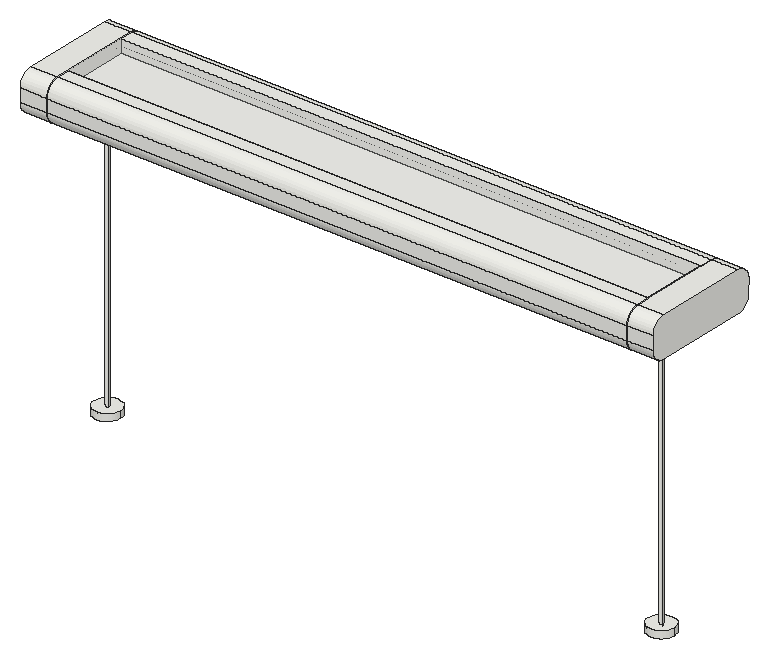
Revit family "3a7c1e961b5142fdac9b6197d0b2cb9e", category Lighting Fixtures, host Face, Revit 2021
Family settings
  Host = Face
  Round Connector Dimension = Use Diameter
  Part Type = Normal
  OmniClass Number = 23.80.70.11.11
  OmniClass Title = General Luminaries, Non Directional
  Seek Item ID = Pendant Light - Linear - 2 Lamp-0000-USA-ENU
  Cut with Voids When Loaded = No
  Light Source = Yes
  Shared = No
  Room Calculation Point = No
Parameters (values of type "48" - 120V")
  Wattage = 64 W
  built-in parameter 1150110 = 1 (stored number, unit not read)
  built-in parameter 1150109 = 1 (stored number, unit not read)
  built-in parameter 1150134 = 8
  built-in parameter 1150113 = 1 (stored number, unit not read)
  Tilt Angle = -90.00°
  Photometric Web File = "482T12.ies"
  Lumens = 6000 lm
  built-in parameter 1114217 = 0.88 (stored number, unit not read)
  built-in parameter 1150115 = 1 (stored number, unit not read)
  built-in parameter 1150105 = 477.46 (stored number, unit not read)
  Load Classification = Lighting - Dwelling Unit
  built-in parameter 1150137 = 1
  built-in parameter 1150139 = (empty or 0)
  Light Casing Material = Steel, Paint Finish, Ivory, Glossy
  Light Casing Length = 4' - 0"
  built-in parameter 1150112 = 1 (stored number, unit not read)
  built-in parameter 1150114 = 1 (stored number, unit not read)
  Lamp = "T-12"
  built-in parameter 1150132 = (empty or 0)
  built-in parameter 1150102 = (empty or 0)
  built-in parameter 1150138 = (empty or 0)
  built-in parameter 1150107 = 4230 (stored number, unit not read)
  built-in parameter 1150106 = 4.7746 (stored number, unit not read)
  Emit from Rectangle Width = 0' - 5"
  Emit from Rectangle Length = Light Casing Length - 0' 4"  # 3' - 8"
  Emit Shape Visible in Rendering = no
  built-in parameter 1150104 = 8.7097 (stored number, unit not read)
  Drop From Ceiling = 2' - 0"
  Dimming Lamp Color Temperature Shift = <None>
  Diffuser Material = Glass, White, High Luminance
  Default Elevation = 4' - 0"
  Color Filter = 16777215
  Ceiling Mount Material = Steel, Paint Finish, Ivory, Glossy
  built-in parameter 1140040 [instance] = 1
  Ballast Voltage = 120 V
  Ballast Number of Poles = 1
  built-in parameter 1114218 = 0.88 (stored number, unit not read)
  built-in parameter 1150133 = 10 (stored number, unit not read)
  Assembly Code = "D5020210"
  Apparent Load = 64 VA
Types (4): name | Wattage | Photometric Web File | Lumens | built-in parameter 1150105 | Light Casing Length | built-in parameter 1150106 | Emit from Rectangle Width | Emit from Rectangle Length | built-in parameter 1150104 | Drop From Ceiling | Ballast Voltage | Assembly Code | Apparent Load
  48" - 120V | 64 W | "482T12.ies" | 6000 lm | 477.46 (stored number, unit not read) | 4' - 0" | 4.7746 (stored number, unit not read) | 0' - 5" | 3' - 8" | 8.7097 (stored number, unit not read) | 2' - 0" | 120 V | "D5020210" | 64 VA
  48" - 277V | 64 W | "482T12.ies" | 6000 lm | 477.46 (stored number, unit not read) | 4' - 0" | 4.7746 (stored number, unit not read) | 0' - 9" | 3' - 8" | 8.7097 (stored number, unit not read) | 2' - 0" | 277 V | 0' - 0" | 64 VA
  96" - 120V | 150 W | "962T12.ies" | 12600 lm | 1002.7 (stored number, unit not read) | 8' - 0" | 10.027 (stored number, unit not read) | 0' - 9" | 7' - 8" | 7.8039 (stored number, unit not read) | 1' - 0" | 120 V | 0' - 0" | 150 VA
  96" - 277V | 150 W | "962T12.ies" | 12600 lm | 1002.7 (stored number, unit not read) | 8' - 0" | 10.027 (stored number, unit not read) | 0' - 9" | 7' - 8" | 7.8039 (stored number, unit not read) | 1' - 0" | 277 V | 0' - 0" | 150 VA
Reference planes (in)
  plane 1 "Center (Front/Back)": y = 0
  plane 2: z = 0
  plane 3 "Center (Left/Right)": x = 0
  plane 4: x = -24
  plane 5: x = 24
  plane 6: x = -22
  plane 7: x = 22
  plane 8: x = -21
  plane 9: x = 21
  plane 10: z = 24
  plane 11: z = 23.5
  plane 12: z = 23
  plane 13: z = 21
  plane 14: z = 0.5
  plane 15: y = 3.5
  plane 16: y = -3.5
  plane 17: z = 22
  plane 18: y = 2.5
  plane 19: y = -2.5
Forms (in)
  Extrusion 1, solid, material "Steel, Paint Finish, Ivory, Glossy" <- "Ceiling Mount Material"
    sketch origin (0, 0, 0) x (1, 0, 0) y (0, 1, 0)
      loop
        circle (-21, 0) r 1
    from 0 to 0.5
  Extrusion 2, solid, material "Steel, Paint Finish, Ivory, Glossy" <- "Ceiling Mount Material"
    sketch origin (0, 0, 0) x (1, 0, 0) y (0, 1, 0)
      loop
        circle (-21, 0) r 0.125
    from 0 to 21
  Extrusion 3, solid, material "Steel, Paint Finish, Ivory, Glossy" <- "Ceiling Mount Material"
    sketch origin (0, 0, 0) x (1, 0, 0) y (0, 1, 0)
      loop
        circle (21, 0) r 1
    from 0 to 0.5
  Extrusion 4, solid, material "Steel, Paint Finish, Ivory, Glossy" <- "Ceiling Mount Material"
    sketch origin (0, 0, 0) x (1, 0, 0) y (0, 1, 0)
      loop
        circle (21, 0) r 0.12339
    from 0 to 21
  Extrusion 5, solid, material "Steel, Paint Finish, Ivory, Glossy" <- "Light Casing Material"
    sketch origin (0, 0, 0) x (0, 1, 0) y (0, 0, 1)
      loop
        line (3.5, 24) -> (-3.5, 24)
        arc (-3.5, 24) -> (-4.20711, 23.70711) -> (-4.5, 23) r 1
        line (-4.5, 23) -> (-4.5, 22)
        arc (-4.5, 22) -> (-4.20711, 21.29289) -> (-3.5, 21) r 1
        line (-3.5, 21) -> (3.5, 21)
        arc (3.5, 21) -> (4.20711, 21.29289) -> (4.5, 22) r 1
        line (4.5, 22) -> (4.5, 23)
        arc (4.5, 23) -> (4.20711, 23.70711) -> (3.5, 24) r 1
    from -22 to 22
  Extrusion 6, solid, material "Steel, Paint Finish, Ivory, Glossy" <- "Light Casing Material"
    sketch origin (0, 0, 0) x (0, 1, 0) y (0, 0, 1)
      loop
        line (4.5, 22) -> (4.5, 23)
        arc (4.5, 23) -> (4.20711, 23.70711) -> (3.5, 24) r 1
        line (3.5, 24) -> (-3.5, 24)
        arc (-3.5, 24) -> (-4.20711, 23.70711) -> (-4.5, 23) r 1
        line (-4.5, 23) -> (-4.5, 22)
        arc (-4.5, 22) -> (-4.20711, 21.29289) -> (-3.5, 21) r 1
        line (-3.5, 21) -> (3.5, 21)
        arc (3.5, 21) -> (4.20711, 21.29289) -> (4.5, 22) r 1
    from -24 to -22
  Extrusion 7, solid, material "Steel, Paint Finish, Ivory, Glossy" <- "Light Casing Material"
    sketch origin (0, 0, 0) x (0, 1, 0) y (0, 0, 1)
      loop
        arc (-3.5, 24) -> (-4.20711, 23.70711) -> (-4.5, 23) r 1
        line (-4.5, 23) -> (-4.5, 22)
        arc (-4.5, 22) -> (-4.20711, 21.29289) -> (-3.5, 21) r 1
        line (-3.5, 21) -> (3.5, 21)
        arc (3.5, 21) -> (4.20711, 21.29289) -> (4.5, 22) r 1
        line (4.5, 22) -> (4.5, 23)
        arc (4.5, 23) -> (4.20711, 23.70711) -> (3.5, 24) r 1
        line (3.5, 24) -> (-3.5, 24)
    from 22 to 24
  Extrusion 8, void
    sketch origin (0, 0, 0) x (0, 1, 0) y (0, 0, 1)
      loop
        line (2.5, 24) -> (-2.5, 24) -> (-2.5, 23) -> (2.5, 23) -> (2.5, 24)
    from -22 to 22
  Extrusion 9, solid, material "Glass, White, High Luminance" <- "Diffuser Material"
    sketch origin (0, 0, 0) x (0, 1, 0) y (0, 0, 1)
      loop
        line (-2.5, 24) -> (-2.5, 23.5) -> (2.5, 23.5) -> (2.5, 24) -> (-2.5, 24)
    from -22 to 22
Cuts and joins
  joined: Extrusion 1, Extrusion 3
  Extrusion 8 cuts Extrusion 5
Lines and regions (in)
  symbolic lines
    curve 1: line (-24, 4.5, 0) -> (-24, -4.5, 0)
    curve 2: line (-24, 4.5, 0) -> (24, 4.5, 0)
    curve 3: line (24, 4.5, 0) -> (24, -4.5, 0)
    curve 4: line (24, -4.5, 0) -> (-24, -4.5, 0)
    curve 5: circle (-21, 0, 0) r 1 normal (0, 0, 1)
    curve 6: circle (21, 0, 0) r 1 normal (0, 0, 1)
Dimensions and locks (in)
  equal spacing: plane 4, plane 3 "Center (Left/Right)", plane 5
  "Light Casing Length": plane 4 to plane 5
  locked: plane 4 to plane 6 at 2
  locked: plane 7 to plane 5 at 2
  "Drop From Ceiling": plane 10 to plane 2
  plane 10 to plane 11 = 0' - 0 1/2"
  plane 10 to plane 12 = 0' - 1"
  plane 10 to plane 13 = 0' - 3"
  plane 14 to plane 2 = 0' - 0 1/2"
  equal spacing: plane 15, plane 1 "Center (Front/Back)", plane 16
  plane 15 to plane 16 = 0' - 7"
  plane 12 to plane 17 to plane 13 = 0' - 1", 0' - 1"
  plane 1 "Center (Front/Back)" to plane 19 = 0' - 2 1/2"
  plane 18 to plane 1 "Center (Front/Back)" = 0' - 2 1/2"
  locked: plane 4 to plane 8 at 3
  locked: plane 9 to plane 5 at 3
  radius of Extrusion 2 sketch curve = 0' - 0 1/8"
  aligned and locked: plane 2 to host face
  aligned and locked: level to host face
  aligned and locked: Extrusion 3 to level
  aligned and locked: Extrusion 1 to level
  aligned and locked: plane 14 to Extrusion 1
  aligned and locked: Extrusion 3 to Extrusion 1
  aligned and locked: Extrusion 4 to level
  aligned and locked: Extrusion 2 to level
  aligned and locked: plane 13 to Extrusion 2
  aligned and locked: Extrusion 2 to Extrusion 4
  aligned and locked: plane 16 to Extrusion 5 sketch curve  (x4)
  aligned and locked: plane 15 to Extrusion 5 sketch curve  (x4)
  aligned and locked: plane 12 to Extrusion 5 sketch curve  (x3)
  aligned and locked: plane 17 to Extrusion 5 sketch curve  (x4)
  aligned and locked: plane 7 to Extrusion 5
  aligned and locked: Extrusion 5 to plane 6
  aligned and locked: Extrusion 6 sketch curve to Extrusion 5  (x4)
  aligned and locked: Extrusion 6 to plane 4
  aligned and locked: plane 6 to Extrusion 6
  aligned and locked: Extrusion 7 sketch curve to Extrusion 5  (x2)
  aligned and locked: plane 5 to Extrusion 7
  aligned and locked: Extrusion 7 to plane 7
  aligned and locked: Extrusion 8 sketch curve to plane 10
  aligned and locked: plane 12 to Extrusion 8 sketch curve
  aligned and locked: Extrusion 8 sketch curve to plane 19
  aligned and locked: plane 18 to Extrusion 8 sketch curve
  aligned and locked: plane 7 to Extrusion 8
  aligned and locked: Extrusion 8 to plane 6
  aligned and locked: Extrusion 9 sketch curve to plane 10
  aligned and locked: plane 19 to Extrusion 9 sketch curve
  aligned and locked: plane 10 to Extrusion 9 sketch curve
  aligned and locked: plane 11 to Extrusion 9 sketch curve  (x2)
  aligned and locked: plane 18 to Extrusion 9 sketch curve
  aligned and locked: plane 7 to Extrusion 9
  aligned and locked: Extrusion 9 to plane 6
  aligned and locked: curve 1 to Extrusion 6
  aligned and locked: plane 4 to curve 4
  aligned and locked: plane 5 to curve 4
  aligned and locked: curve 3 to plane 5
  aligned and locked: plane 9 to curve 6
  aligned and locked: plane 1 "Center (Front/Back)" to curve 6
  aligned and locked: plane 8 to curve 5
  aligned and locked: plane 1 "Center (Front/Back)" to curve 5
  aligned and locked: Extrusion 5 sketch curve to plane 10
  aligned and locked: plane 13 to Extrusion 5 sketch curve
  aligned and locked: plane 3 "Center (Left/Right)" to imposter light
  aligned and locked: plane 1 "Center (Front/Back)" to imposter light
  aligned and locked: plane 11 to imposter light
Automatic sketch dimensions
  host sketch curve to host sketch curve = 10' - 0"
  host sketch curve to host sketch curve = 8' - 0"
  Extrusion 1 sketch curve to plane 1 "Center (Front/Back)" = 0' - 0"
  Extrusion 1 sketch curve to plane 8 = 0' - 0"
  Extrusion 2 sketch curve to plane 1 "Center (Front/Back)" = 0' - 0"
  Extrusion 2 sketch curve to plane 8 = 0' - 0"
  Extrusion 3 sketch curve to plane 1 "Center (Front/Back)" = 0' - 0"
  Extrusion 3 sketch curve to plane 9 = 0' - 0"
  Extrusion 4 sketch curve to plane 1 "Center (Front/Back)" = 0' - 0"
  Extrusion 4 sketch curve to plane 9 = 0' - 0"
  Extrusion 6 sketch curve to plane 15 = 0' - 0"
  Extrusion 6 sketch curve to plane 16 = 0' - 0"
  Extrusion 7 sketch curve to plane 15 = 0' - 0"
  Extrusion 7 sketch curve to plane 16 = 0' - 0"
  curve 3 to plane 15 = 0' - 1"
  plane 16 to curve 4 = 0' - 1"
  radius of Extrusion 1 sketch curve = 0' - 1"
  radius of Extrusion 3 sketch curve = 0' - 1"
  radius of Extrusion 4 sketch curve = 0' - 0.12339"
  radius of curve 5 = 0' - 1"
  radius of curve 6 = 0' - 1"
Connectors (in)
  electrical at (0, 0, 24), driven by "Apparent Load", driven by "Ballast Voltage", driven by "Ballast Number of Poles", driven by "Load Classification"
    settings: on Extrusion 9, index 1, voltage 120 V, apparent load 0 VA, apparent load phase1 64 VA, apparent load phase2 0 VA, apparent load phase3 0 VA, power factor 0.95, load classification "Lighting - Dwelling Unit", number of poles 1, system type 31, power factor state 1, is connector primary yes, connector utility no, sub classification motor no, connector description ""
